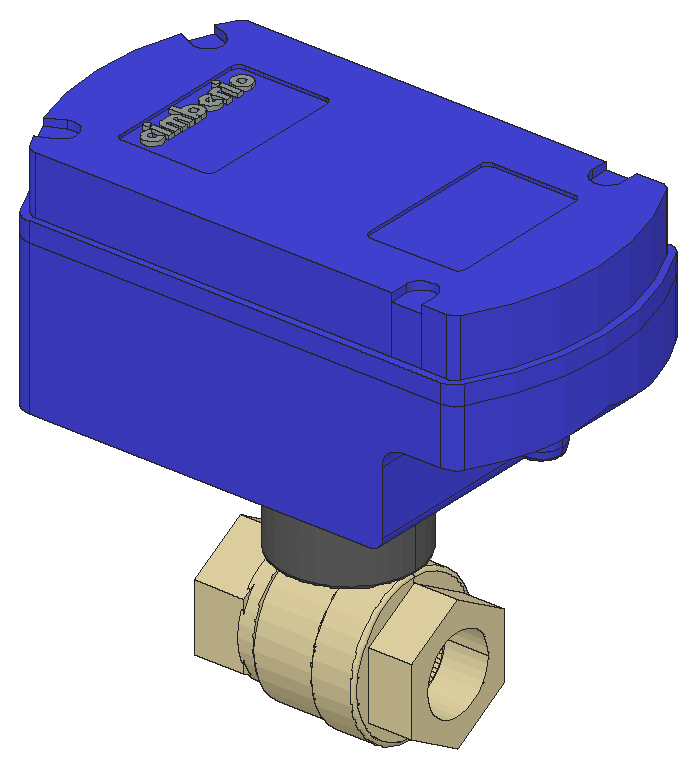
Revit family "QD29630000", category Apparecchi idraulici, Revit 2020
Family settings
  Quota connettore circolare = Usa diametro
  Tipo di parte = Normale
  Numero OmniClass = 23.45.00.00
  Titolo OmniClass = Sanitary, Laundry, and Cleaning Equipment
  Basato su piano di lavoro = No
  Sempre verticale = Sì
  Taglio con vuoti quando caricato = No
  Condiviso = No
  Punto di calcolo locali = No
Parameters
  URL = "https://web.cimberio.it/index.php/figura/1390?subcategoria_id=74926"
  Temperatura di esercizio = "-20 ÷ 150°C"
  Prospetto di default = 0 mm
  Produttore = "CIMBERIO SPA"
  Pressione nominale = "PN 32"
  Modello = "Cim 602RE/12CR"
  Materiale = "Prodotto in lega di ottone “CR” – “DZR” conforme alla norma EN 12165-CW602N-M"
  Descrizione = "Utilizzato nei più svariati settori dell'impiantistica: impianti di riscaldamento, condizionamento, idrici, igienico-sanitari, aria compressa e in generale con ogni fluido non corrosivo.\r\nParticolarmente indicato come valvola di zona per la regolazione e contabilizzazione di impianti di riscaldamento singoli o a zone, impianti con utilizzazione di energie alternative, impianti con fluidi caldi o freddi e impianti di automazione in genere."
  DN Model [instance] = QD29671020 : QD29671020
  DN [instance] = 20 mm
  Commenti sul tipo = "Realizzato in ottemperanza ai requisiti gestionali della norma EN ISO 9001.\r\nCollaudato al 100% secondo la normativa EN 12266-1"
Reference planes
  plane 1 "Centro (Fronte/Retro)": y = 0
  plane 2: z = 0
  plane 3 "Centro (Sinistra/Destra)": x = 0
Dimensions and locks
  aligned and locked: level to plane 2
Nested families
  nested 1: "QD29671020" at (0, 0, 0), type <- "DN Model", type "QD29671020"
  nested 2: "QD29671020" at (0, 0, 0), type <- "DN Model", type "QD29671020"
  nested 3: "QD29671020" at (0, 0, 0), type <- "DN Model", type "QD29671020"
Connectors
  piping at (-28, 0, 0), diameter 20, driven by "DN"
    settings: on nested 1, index 1, connector inside diameter 609.6 mm, connector length 0 mm, flow factor 0, pipe flow 0.0 L/s, pressure drop 0.0 Pa, fitting loss kfactor 0, connector angle 0.00°, fixture units 0, engagement length 0 mm, angle of deflection 0.00°, flow configuration 0, flow direction 0, fitting loss method 0, system type 7, joint type 0, gender type 0, connector reference index -1, connector utility 0, adjustable connector no, is connector primary yes, connector description ""
  piping at (28.6, 0, 0), diameter 20, driven by "DN"
    settings: on nested 1, index 2, connector inside diameter 609.6 mm, connector length 0 mm, flow factor 0, pipe flow 0.0 L/s, pressure drop 0.0 Pa, fitting loss kfactor 0, connector angle 0.00°, fixture units 0, engagement length 0 mm, angle of deflection 0.00°, flow configuration 0, flow direction 0, fitting loss method 0, system type 7, joint type 0, gender type 0, connector reference index -1, connector utility 0, adjustable connector no, is connector primary no, connector description ""
Definition of nested family "QD29671020"
  Parameters (values of type "QD29671020")
    URL = "https://web.cimberio.it/index.php/figura/394?subcategoria_id="
    Temperatura di esercizio = "-10 ÷ 95°C"
    Default Elevation = 0 mm
    Manufacturer = "CIMBERIO SPA"
    Pressione nominale = "PN 16"
    Model = "Cim 32"
    Materiale = "Prodotto in lega di ottone conforme alla norma EN 12165-CW617N-DW"
    Description = "Impiegato nei più svariati settori dell'impiantistica in condutture anti-ritorno per: reti di distribuzione acqua potabile, impianti di riscaldamento, condizionamento, igienico-sanitari e in generale con ogni fluido non corrosivo."
    DN [instance] = 50 mm
    Type Comments = "Realizzato in ottemperanza ai requisiti gestionali della norma EN ISO 9001.\r\nCollaudato al 100% secondo la normativa EN 12266-1"
  Reference planes
    plane 1 "Centro (Fronte/Retro)": y = 0
    plane 2: z = 0
    plane 3 "Centro (Sinistra/Destra)": x = 0
  Forms (mm)
    Revolve 1, solid
      sketch origin (2.05, 0, 0) x (1, 0, 0) y (0, 0, 1)
        loop
          line (-11.8, -18.5) -> (2.95, -18.5) -> (3.95, -19.5) -> (14.05, -19.5)
          arc (14.05, -19.5) -> (14.757, -19.207) -> (15.05, -18.5) r 1
          line (15.05, -18.5) -> (15.05, -10) -> (-17.928, -10) -> (-17.928, -16.25) -> (-14.05, -16.25) -> (-11.8, -18.5)
        axis (-17.928, 0) -> (15.05, 0)
      angle from 0 to 360
    Extrusion 2, solid
      sketch origin (0, 0, 0) x (0, 1, 0) y (0, 0, 1)
        loop
          circle (0, 0) r 10
        loop
          line (0, 17.35) -> (-15.026, 8.675) -> (-15.026, -8.675) -> (0, -17.35) -> (15.026, -8.675) -> (15.026, 8.675) -> (0, 17.35)
      from -28 to -15.211
    Revolve 3, solid
      sketch origin (2.097, 0, 0) x (1, 0, 0) y (0, 0, 1)
        loop
          line (7.331, 37.805) -> (0, 37.805) -> (0, 13.864) -> (7.331, 13.864) -> (7.331, 37.805)
        axis (0, 37.805) -> (0, 13.864)
      angle from 0 to 360
    Extrusion 4, solid
      sketch origin (2.097, 0, 0) x (1, 0, 0) y (0, 0, 1)
        loop
          line (-11.431, 34.091) -> (-11.431, 13.864) -> (-6.253, 13.864) -> (-6.253, 34.091) -> (-11.431, 34.091)
      from -0.812 to 0.713
    Revolve 5, solid
      sketch origin (0, 0, -3.5) x (1, 0, 0) y (0, 0, 1)
        loop
          line (0, 51.8) -> (0, 36.671) -> (3.652, 36.671) -> (3.652, 23.3) -> (16.983, 23.3)
          arc (16.983, 23.3) -> (17.427, 23.419) -> (17.69, 23.796) r 0.672
          line (17.69, 23.796) -> (17.955, 46.8) -> (19, 46.8)
          arc (19, 46.8) -> (19.707, 47.093) -> (20, 47.8) r 1
          line (20, 47.8) -> (20, 51.8) -> (0, 51.8)
        axis (0, 51.8) -> (0, 23.3)
      angle from 0 to 360
    Extrusion 6, solid
      sketch origin (0, 0, -3.5) x (1, 0, 0) y (0, 1, 0)
        loop
          arc (-53.687, 37) -> (-56.156, 36.347) -> (-57.982, 34.56) r 5
          arc (-57.982, 34.56) -> (-67.5, 0) -> (-57.982, -34.56) r 67.5
          arc (-57.982, -34.56) -> (-56.156, -36.347) -> (-53.687, -37) r 5
          line (-53.687, -37) -> (53.687, -37)
          arc (53.687, -37) -> (56.156, -36.347) -> (57.982, -34.56) r 5
          arc (57.982, -34.56) -> (67.5, 0) -> (57.982, 34.56) r 67.5
          arc (57.982, 34.56) -> (56.156, 36.347) -> (53.687, 37) r 5
          line (53.687, 37) -> (-53.687, 37)
      from 51.8 to 91.8
    Extrusion 7, solid
      sketch origin (0, 0, 36.5) x (1, 0, 0) y (0, 1, 0)
        loop
          arc (-53.687, 37) -> (-56.156, 36.347) -> (-57.982, 34.56) r 5
          arc (-57.982, 34.56) -> (-67.5, 0) -> (-57.982, -34.56) r 67.5
          arc (-57.982, -34.56) -> (-56.156, -36.347) -> (-53.687, -37) r 5
          line (-53.687, -37) -> (53.687, -37)
          arc (53.687, -37) -> (56.156, -36.347) -> (57.982, -34.56) r 5
          arc (57.982, -34.56) -> (67.5, 0) -> (57.982, 34.56) r 67.5
          arc (57.982, 34.56) -> (56.156, 36.347) -> (53.687, 37) r 5
          line (53.687, 37) -> (-53.687, 37)
      from 51.8 to 56.8
    Extrusion 8, solid
      sketch origin (0, 0, -3.5) x (1, 0, 0) y (0, 1, 0)
        loop
          arc (-53.687, 35) -> (-55.168, 34.608) -> (-56.264, 33.536) r 3
          arc (-56.264, 33.536) -> (-57.395, 31.561) -> (-58.457, 29.547) r 65.5
          arc (-58.457, 29.547) -> (-60.152, 25.922) -> (-61.623, 22.2) r 65.5
          arc (-61.623, 22.2) -> (-65.5, 0) -> (-61.623, -22.2) r 65.5
          arc (-61.623, -22.2) -> (-60.152, -25.922) -> (-58.457, -29.547) r 65.5
          arc (-58.457, -29.547) -> (-57.395, -31.561) -> (-56.264, -33.536) r 65.5
          arc (-56.264, -33.536) -> (-55.168, -34.608) -> (-53.687, -35) r 3
          line (-53.687, -35) -> (39.293, -35) -> (47.293, -35) -> (53.687, -35)
          arc (53.687, -35) -> (55.168, -34.608) -> (56.264, -33.536) r 3
          arc (56.264, -33.536) -> (65.5, 0) -> (56.264, 33.536) r 65.5
          arc (56.264, 33.536) -> (55.168, 34.608) -> (53.687, 35) r 3
          line (53.687, 35) -> (47.293, 35) -> (39.293, 35) -> (-53.687, 35)
      from 96.8 to 111.8
    Extrusion 9, void
      sketch origin (0, 0, -3.5) x (1, 0, 0) y (0, 1, 0)
        loop
          arc (-57.295, 20.329) -> (-52.036, 22.412) -> (-54.12, 27.671) r 4
          line (-54.12, 27.671) -> (-59.289, 29.907) -> (-62.465, 22.564) -> (-57.295, 20.329)
        loop
          arc (-54.12, -27.671) -> (-52.036, -22.412) -> (-57.295, -20.329) r 4
          line (-57.295, -20.329) -> (-62.083, -22.399) -> (-58.908, -29.742) -> (-54.12, -27.671)
        loop
          arc (39.293, 30.5) -> (43.293, 26.5) -> (47.293, 30.5) r 4
          line (47.293, 30.5) -> (47.293, 35.946) -> (39.293, 35.946) -> (39.293, 30.5)
        loop
          line (39.293, -30.43) -> (39.293, -35) -> (47.293, -35) -> (47.293, -30.5)
          arc (47.293, -30.5) -> (43.293, -26.5) -> (39.293, -30.5) r 4
      from 109.8 to 117.274
    Extrusion 10, void
      sketch origin (0, 0, -3.5) x (1, 0, 0) y (0, 1, 0)
        loop
          line (-21.999, 20) -> (-43.001, 20)
          arc (-43.001, 20) -> (-44.415, 19.414) -> (-45, 18) r 2
          line (-45, 18) -> (-45, -18)
          arc (-45, -18) -> (-44.414, -19.415) -> (-42.999, -20) r 2
          line (-42.999, -20) -> (-21.999, -20)
          arc (-21.999, -20) -> (-20.585, -19.414) -> (-20, -18) r 2
          line (-20, -18) -> (-20, 18)
          arc (-20, 18) -> (-20.585, 19.414) -> (-21.999, 20) r 2
        loop
          arc (22.001, 20) -> (20.586, 19.415) -> (20, 18) r 2
          line (20, 18) -> (20, -18)
          arc (20, -18) -> (20.586, -19.415) -> (22.001, -20) r 2
          line (22.001, -20) -> (43.001, -20)
          arc (43.001, -20) -> (44.415, -19.414) -> (45, -18) r 2
          line (45, -18) -> (45, 18)
          arc (45, 18) -> (44.415, 19.414) -> (43.001, 20) r 2
          line (43.001, 20) -> (22.001, 20)
      from 111.039 to 121
    Extrusion 11, solid
      sketch origin (0, 0, 107.539) x (1, 0, 0) y (0, 1, 0)
        loop
          arc (-41.222, -13.089) -> (-39.283, -17.248) -> (-37.344, -13.089) r 2.531
          line (-37.344, -13.089) -> (-38.507, -14.066)
          arc (-38.507, -14.066) -> (-39.283, -15.729) -> (-40.058, -14.066) r 1.013
          line (-40.058, -14.066) -> (-41.222, -13.089)
        loop
          line (-36.751, -12.583) -> (-36.751, -11.064) -> (-41.814, -11.064) -> (-41.814, -12.583) -> (-36.751, -12.583)
        loop
          circle (-43.08, -11.824) r 0.861
        loop
          line (-36.751, -9.039) -> (-39.89, -9.039)
          arc (-39.89, -9.039) -> (-40.295, -8.634) -> (-39.89, -8.229) r 0.405
          line (-39.89, -8.229) -> (-36.751, -8.229) -> (-36.751, -6.711) -> (-39.89, -6.711)
          arc (-39.89, -6.711) -> (-40.295, -6.306) -> (-39.89, -5.901) r 0.405
          line (-39.89, -5.901) -> (-36.751, -5.901) -> (-36.751, -4.382) -> (-39.89, -4.382)
          arc (-39.89, -4.382) -> (-41.614, -5.451) -> (-41.422, -7.47) r 1.924
          arc (-41.422, -7.47) -> (-41.614, -9.489) -> (-39.89, -10.558) r 1.924
          line (-39.89, -10.558) -> (-36.751, -10.558) -> (-36.751, -9.039)
        loop
          line (-43.839, -3.876) -> (-36.751, -3.876) -> (-36.751, -2.357) -> (-37.544, -2.357) -> (-36.841, -2.013)
          arc (-36.841, -2.013) -> (-39.465, 1.18) -> (-41.603, -2.357) r 2.531
          line (-41.603, -2.357) -> (-43.839, -2.357) -> (-43.839, -3.876)
        loop
          circle (-39.283, -1.344) r 1.012
        loop
          arc (-41.013, 6.072) -> (-39.435, 1.698) -> (-37.344, 5.851) r 2.531
          line (-37.344, 5.851) -> (-38.507, 4.875)
          arc (-38.507, 4.875) -> (-38.282, 4.378) -> (-38.348, 3.836) r 1.013
          line (-38.348, 3.836) -> (-41.013, 6.072)
        loop
          line (-38.738, 3.371) -> (-40.218, 4.612)
          arc (-40.218, 4.612) -> (-39.934, 3.449) -> (-38.738, 3.371) r 1.013
        loop
          line (-36.751, 6.358) -> (-36.751, 7.876) -> (-40.426, 7.876)
          arc (-40.426, 7.876) -> (-41.131, 9.395) -> (-41.814, 7.867) r 0.92
          line (-41.814, 7.867) -> (-41.814, 6.358) -> (-36.751, 6.358)
        loop
          line (-36.751, 9.901) -> (-36.751, 11.42) -> (-41.814, 11.42) -> (-41.814, 9.901) -> (-36.751, 9.901)
        loop
          circle (-43.08, 10.661) r 0.861
        loop
          circle (-39.283, 14.458) r 2.531
        loop
          circle (-39.283, 14.458) r 1.012
      from 0 to 1
    Extrusion 12, void
      sketch origin (53.687, -37, -3.5) x (1, 0, 0) y (0, 0, -1)
        loop
          arc (10.861, -76.8) -> (12.982, -77.679) -> (13.861, -79.8) r 3
          line (13.861, -79.8) -> (18.861, -79.8) -> (18.861, -47.437) -> (-18.139, -47.437) -> (-18.139, -51.8)
          arc (-18.139, -51.8) -> (-16.018, -52.679) -> (-15.139, -54.8) r 3
          line (-15.139, -54.8) -> (-15.139, -71.8)
          arc (-15.139, -71.8) -> (-13.673, -75.338) -> (-10.133, -76.8) r 5
          line (-10.133, -76.8) -> (10.861, -76.8)
      from -27.232 to 98.451
    Revolve 13, solid
      sketch origin (53.687, 0, -3.5) x (-1, 0, 0) y (0, 0, -1)
        loop
          line (-2.306, -66.221) -> (-2.861, -76.8) -> (3.139, -76.8) -> (3.139, -63.8) -> (-1.381, -63.8)
          arc (-1.381, -63.8) -> (-1.763, -63.939) -> (-1.966, -64.291) r 0.594
          line (-1.966, -64.291) -> (-2.306, -66.221)
        axis (3.139, -63.8) -> (3.139, -76.8)
      angle from 0 to 360
    Extrusion 14, solid
      sketch origin (0, 0, 0) x (0, 1, 0) y (0, 0, -1)
        loop
          circle (0, 0) r 10
        loop
          line (0, -17.35) -> (15.026, -8.675) -> (15.026, 8.675) -> (0, 17.35) -> (-15.026, 8.675) -> (-15.026, -8.675) -> (0, -17.35)
      from -28.6 to -15.211
  Cuts and joins
    Extrusion 9, Extrusion 12 cuts Extrusion 6
    Extrusion 9 cuts Extrusion 7
    Extrusion 9, Extrusion 10 cuts Extrusion 8
  Dimensions and locks
    aligned and locked: level to plane 2
